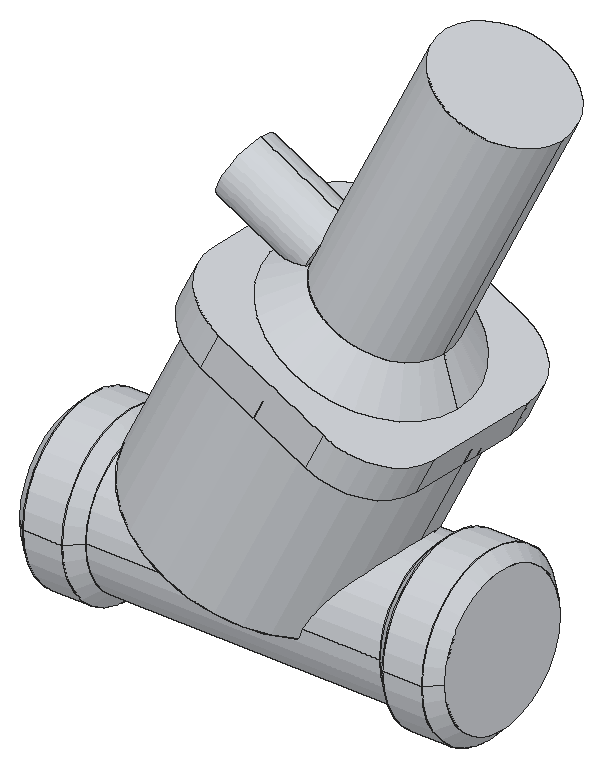
Revit family "PV_Compact_DN015_ 5-30_MM_RFA_2019", category Pipe Accessories, Revit 2019
Family settings
  Round Connector Dimension = Use Diameter
  Part Type = Valve - Breaks Into
  Work Plane-Based = No
  Always vertical = Yes
  Cut with Voids When Loaded = No
  Shared = No
Parameters (values of type "Frese PV Compact DN15 MM (5-30 kPa)")
  magiProductId = "Frese PV Compact DN15-1"
  magiProductFamilyId = "Frese PV Compact *"
  magiPartTypeId = 304
  isMeasuringValve [instance] = no
  ang2D [instance] = 0.00°
  Z7 = 15 mm
  Z6 = 40 mm
  Z5 = 44 mm
  Z4 = 39 mm
  Z3 = 6 mm
  Z2 = 33 mm
  XR3 = 30 mm
  XR2 = 25 mm
  XR1 = 13 mm
  W2D = 15 mm
  VersionID = "2.0/2018.12.13.2/FRESE_PV_COMPACT_Q13_001"
  Use Minimum Symbol Size [instance] = no
  URL = "www.hydronic.cz"
  Type Comments = "závitový s vnějším závitem; PN25; dpmax=450kPa; -10~+120°C;"
  R6 = 13 mm
  R5 = 5 mm
  R4 = 15 mm
  R3 = 10 mm
  R2 = 11 mm
  R1 = 19 mm
  QmdConnectorList = "301;D;302;D"
  Productdata [instance] = ""
  Manufacturer = "Hydronic Systems Prague s.r.o."
  MC Use Limits From Balancing Method = no
  MC Throttling Minimum Value = 0
  MC Throttling Maximum Value = 0
  MC Product Code = "53-3200 DN15; MM; nastavitelný rozsah dp=5~30kPa; Q=50~600l/h;  kvs=2,9"
  MC Pressure Drop Minimum Value = 0.0 Pa
  MC Pressure Drop Maximum Value = 0.0 Pa
  MC Piping Given Pressure Drop [instance] = 0.0 Pa
  M5 = 32.5 mm
  M4 = 30.5 mm
  M3 = 24.5 mm
  M2 = 22.5 mm
  LM = 45 mm
  L2D_Min = 30.48 mm
  L2D = 65 mm
  Description = "Nastavitelný regulátor tlakové diference"
  D = 15 mm
  CAT0 = yes
Types (2, lengths in mm): name | magiProductId | MC Product Code
  PV Compact DN15 MM (20-60 kPa) | "Frese PV Compact DN15-2" | "53-3201 DN15; MM; nastavitelný rozsah dp=20~60kPa; Q=100~1000l/h;  kvs=2,9"
  Frese PV Compact DN15 MM (5-30 kPa) | "Frese PV Compact DN15-1" | "53-3200 DN15; MM; nastavitelný rozsah dp=5~30kPa; Q=50~600l/h;  kvs=2,9"
Reference planes
  plane 1 "Center (Front/Back)": y = 0
  plane 2 "XYPLANE": z = 0
  plane 3 "Center (Left/Right)": x = 0
  plane 4 "62": through (318.218, 0, 679.605) normal (0.891, 0, -0.454)
  plane 5 "61": x = 32.5
  plane 6 "60": x = 30.5
  plane 7 "59": x = 24.5
  plane 8 "58": x = 22.5
  plane 9 "57": x = -32.5
  plane 10 "56": x = -30.5
  plane 11 "55": x = -24.5
  plane 12 "54": y = 0
  plane 13 "53": through (-666.893, 0, 343.166) normal (0.454, 0, 0.891)
  plane 14 "52": x = -22.5
  plane 15 "51": through (335.147, 0, 670.979) normal (0.891, 0, -0.454)
  plane 16 "50": through (-653.273, 0, 369.896) normal (0.454, 0, 0.891)
  plane 17 "49": through (352.076, 0, 662.353) normal (0.891, 0, -0.454)
  plane 18 "48": y = 19
  plane 19 "47": y = -19
  plane 20 "46": through (-650.549, 0, 375.242) normal (0.454, 0, 0.891)
  plane 21 "45": through (-648.279, 0, 379.697) normal (0.454, 0, 0.891)
  plane 22 "44": through (313.763, 0, 681.875) normal (0.891, 0, -0.454)
  plane 23 "42": through (-668.255, 0, 340.493) normal (0.454, 0, 0.891)
  plane 24 "15XY": through (-668.255, 0, 340.493) normal (0.454, 0, 0.891)
  plane 25 "15XZ": y = 0
  plane 26 "15YZ": through (340.493, 0, 668.255) normal (0.891, 0, -0.454)
Forms (mm)
  Blend 1, solid, visible <- "CAT0"
    base sketch origin (30.5, -750, 0) x (0, 1, 0) y (0, 0, 1)
      loop
        circle (750, 0) r 13
    top sketch origin (30.5, -750, 0) x (0, 1, 0) y (0, 0, 1)
      loop
        circle (750, 0) r 11
    from 0 to 2
  Extrusion 2, solid, visible <- "CAT0"
    sketch origin (24.5, -750, 0) x (0, 1, 0) y (0, 0, 1)
      loop
        circle (750, 0) r 13
    from 0 to 6
  Blend 3, solid, visible <- "CAT0"
    base sketch origin (22.5, -750, 0) x (0, 1, 0) y (0, 0, 1)
      loop
        circle (750, 0) r 11
    top sketch origin (22.5, -750, 0) x (0, 1, 0) y (0, 0, 1)
      loop
        circle (750, 0) r 13
    from 0 to 2
  Blend 4, solid, visible <- "CAT0"
    base sketch origin (-30.5, -750, 0) x (0, 1, 0) y (0, 0, 1)
      loop
        circle (750, 0) r 13
    top sketch origin (-30.5, -750, 0) x (0, 1, 0) y (0, 0, 1)
      loop
        circle (750, 0) r 11
    from 0 to -2
  Extrusion 5, solid, visible <- "CAT0"
    sketch origin (-30.5, -750, 0) x (0, 1, 0) y (0, 0, 1)
      loop
        circle (750, 0) r 13
    from 0 to 6
  Blend 6, solid, visible <- "CAT0"
    base sketch origin (-24.5, -750, 0) x (0, 1, 0) y (0, 0, 1)
      loop
        circle (750, 0) r 13
    top sketch origin (-24.5, -750, 0) x (0, 1, 0) y (0, 0, 1)
      loop
        circle (750, 0) r 11
    from 0 to 2
  Extrusion 7, solid, visible <- "CAT0"
    sketch origin (-22.5, -750, 0) x (0, 1, 0) y (0, 0, 1)
      loop
        circle (750, 0) r 11
    from 0 to 45 <- "LM"
  Extrusion 8, solid, visible <- "CAT0"
    sketch origin (-666.893, 0, 343.166) x (0.891007, 0, -0.45399) y (0, 1, 0)
      loop
        circle (744, 0) r 19
    from 0 to 33 <- "Z2"
  Extrusion 9, solid, visible <- "CAT0"
    sketch origin (-653.273, 0, 369.896) x (0.891007, 0, -0.45399) y (0, 1, 0)
      loop
        arc (735, 19) -> (727.929, 16.071) -> (725, 9) r 10
        line (725, 9) -> (725, -9)
        arc (725, -9) -> (727.929, -16.071) -> (735, -19) r 10
        line (735, -19) -> (753, -19)
        arc (753, -19) -> (760.071, -16.071) -> (763, -9) r 10
        line (763, -9) -> (763, 9)
        arc (763, 9) -> (760.071, 16.071) -> (753, 19) r 10
        line (753, 19) -> (735, 19)
    from 0 to 6 <- "Z3"
  Blend 10, solid, visible <- "CAT0"
    base sketch origin (-650.549, 0, 375.242) x (0.891007, 0, -0.45399) y (0, 1, 0)
      loop
        circle (744, 0) r 15
    top sketch origin (-650.549, 0, 375.242) x (0.891007, 0, -0.45399) y (0, 1, 0)
      loop
        circle (744, 0) r 10
    from 0 to 5
  Extrusion 11, solid, visible <- "CAT0"
    sketch origin (-648.279, 0, 379.697) x (0.891007, 0, -0.45399) y (0, 1, 0)
      loop
        circle (744, 0) r 10
    from 0 to 40 <- "Z6"
  Extrusion 12, solid, visible <- "CAT0"
    sketch origin (313.763, 0, 681.875) x (-0.45399, 0, -0.891007) y (0, 1, 0)
      loop
        circle (706, 0) r 5
    from 0 to 15 <- "Z7"
  Blend 13, solid, visible <- "CAT0"
    base sketch origin (-668.255, 0, 340.493) x (0.891007, 0, -0.45399) y (0, 1, 0)
      loop
        circle (744, 0) r 15
    top sketch origin (-668.255, 0, 340.493) x (0.891007, 0, -0.45399) y (0, 1, 0)
      loop
        circle (744, 0) r 19
    from 0 to 3
  Extrusion 14, solid, not visible
    sketch origin (-32.5, -750, 0) x (0, 1, 0) y (0, 0, 1)
      loop
        circle (750, 0) r 10
    from 0 to 10
  Extrusion 15, solid, not visible
    sketch origin (32.5, -750, 0) x (0, 1, 0) y (0, 0, 1)
      loop
        circle (750, 0) r 10
    from 0 to -10
Lines and regions (mm)
  reference lines, not visible
    curve 1: circle (2, 2, 0) r 1 normal (0, 0, 1)
Dimensions and locks
  plane 1 "Center (Front/Back)" to curve 1 = 2 mm
  "XR2": plane 26 "15YZ" to plane 4 "62"
  "M5": plane 3 "Center (Left/Right)" to plane 5 "61"
  "M4": plane 3 "Center (Left/Right)" to plane 6 "60"
  "M3": plane 3 "Center (Left/Right)" to plane 7 "59"
  "M2": plane 3 "Center (Left/Right)" to plane 8 "58"
  "M5": plane 3 "Center (Left/Right)" to plane 9 "57"
  "M4": plane 3 "Center (Left/Right)" to plane 10 "56"
  "M3": plane 3 "Center (Left/Right)" to plane 11 "55"
  locked: plane 25 "15XZ" to plane 12 "54"
  locked: plane 24 "15XY" to plane 13 "53" at 3
  "M2": plane 3 "Center (Left/Right)" to plane 14 "52"
  locked: plane 26 "15YZ" to plane 15 "51" at 6
  "Z2": plane 24 "15XY" to plane 16 "50"
  "XR1": plane 26 "15YZ" to plane 17 "49"
  "R1": plane 25 "15XZ" to plane 18 "48"
  "R1": plane 25 "15XZ" to plane 19 "47"
  "Z4": plane 24 "15XY" to plane 20 "46"
  "Z5": plane 24 "15XY" to plane 21 "45"
  "XR3": plane 26 "15YZ" to plane 22 "44"
  locked: plane 24 "15XY" to plane 23 "42"
  Extrusion 9 sketch curve to Extrusion 9 sketch curve = 0 mm  (x16)
  "R2": radius of Blend 1 sketch curve
  "R6": radius of Blend 1 sketch curve
  "R6": radius of Extrusion 2 sketch curve
  "R6": radius of Blend 3 sketch curve
  "R2": radius of Blend 3 sketch curve
  "R2": radius of Blend 4 sketch curve
  "R6": radius of Blend 4 sketch curve
  "R6": radius of Extrusion 5 sketch curve
  "R2": radius of Blend 6 sketch curve
  "R6": radius of Blend 6 sketch curve
  "R2": radius of Extrusion 7 sketch curve
  "R1": radius of Extrusion 8 sketch curve
  radius of Extrusion 9 sketch curve = 10 mm  (x4)
  "R3": radius of Blend 10 sketch curve
  "R4": radius of Blend 10 sketch curve
  "R3": radius of Extrusion 11 sketch curve
  "R5": radius of Extrusion 12 sketch curve
  "R1": radius of Blend 13 sketch curve
  aligned and locked: level to plane 2 "XYPLANE"
  aligned and locked: plane 5 "61" to Blend 1
  aligned and locked: plane 7 "59" to Blend 3
  aligned and locked: Blend 4 to plane 9 "57"
  aligned and locked: plane 14 "52" to Blend 6
  aligned and locked: plane 12 "54" to Extrusion 8 sketch curve
  aligned and locked: Extrusion 8 sketch curve to plane 15 "51"
  aligned and locked: Extrusion 9 sketch curve to plane 4 "62"
  aligned and locked: Extrusion 9 sketch curve to plane 19 "47"
  aligned and locked: Extrusion 9 sketch curve to plane 17 "49"
  aligned and locked: plane 18 "48" to Extrusion 9 sketch curve
  aligned and locked: plane 12 "54" to Blend 10 sketch curve  (x2)
  aligned and locked: Blend 10 sketch curve to plane 15 "51"  (x2)
  aligned and locked: plane 21 "45" to Blend 10
  aligned and locked: plane 12 "54" to Extrusion 11 sketch curve
  aligned and locked: Extrusion 11 sketch curve to plane 15 "51"
  aligned and locked: plane 12 "54" to Extrusion 12 sketch curve
  aligned and locked: plane 21 "45" to Extrusion 12 sketch curve
  aligned and locked: plane 12 "54" to Blend 13 sketch curve  (x2)
  aligned and locked: Blend 13 sketch curve to plane 15 "51"  (x2)
  aligned and locked: plane 13 "53" to Blend 13
Automatic sketch dimensions
  plane 4 "62" to Blend 13 sketch curve = 4 mm
  Extrusion 14 sketch curve to Extrusion 14 sketch curve = 0 mm  (x2)
  Extrusion 14 sketch curve to level = 0 mm
  Extrusion 14 sketch curve to plane 1 "Center (Front/Back)" = 0 mm
  plane 19 "47" to Extrusion 14 sketch curve = 9 mm
  Extrusion 15 sketch curve to Extrusion 15 sketch curve = 0 mm  (x2)
  Extrusion 15 sketch curve to level = 0 mm
  Extrusion 15 sketch curve to plane 1 "Center (Front/Back)" = 0 mm
  plane 19 "47" to Extrusion 15 sketch curve = 9 mm
  plane 3 "Center (Left/Right)" to curve 1 = 2 mm
  Blend 1 sketch curve to level = 0 mm  (x2)
  Blend 1 sketch curve to plane 1 "Center (Front/Back)" = 0 mm  (x2)
  Extrusion 2 sketch curve to level = 0 mm
  Extrusion 2 sketch curve to plane 1 "Center (Front/Back)" = 0 mm
  Blend 3 sketch curve to level = 0 mm  (x2)
  Blend 3 sketch curve to plane 1 "Center (Front/Back)" = 0 mm  (x2)
  Blend 4 sketch curve to level = 0 mm  (x2)
  Blend 4 sketch curve to plane 1 "Center (Front/Back)" = 0 mm  (x2)
  Extrusion 5 sketch curve to level = 0 mm
  Extrusion 5 sketch curve to plane 1 "Center (Front/Back)" = 0 mm
  Blend 6 sketch curve to level = 0 mm  (x2)
  Blend 6 sketch curve to plane 1 "Center (Front/Back)" = 0 mm  (x2)
  Extrusion 7 sketch curve to level = 0 mm
  Extrusion 7 sketch curve to plane 1 "Center (Front/Back)" = 0 mm
  radius of curve 1 = 1 mm
Connectors
  piping at (-32.5, 0, 0), diameter 15, driven by "D"
    settings: on Extrusion 14, index 1, connector inside diameter 609.6 mm, connector length 0 mm, flow factor 0, pipe flow 0.0 L/s, pressure drop 0.0 Pa, fitting loss kfactor 0, connector angle 0.00°, fixture units 0, engagement length 0 mm, angle of deflection 0.00°, flow configuration 0, flow direction 0, fitting loss method 0, system type 29, joint type 0, gender type 0, connector reference index 2, connector utility 0, adjustable connector no, is connector primary yes, connector description ""
  piping at (32.5, 0, 0), diameter 15, driven by "D"
    settings: on Extrusion 15, index 2, connector inside diameter 609.6 mm, connector length 0 mm, flow factor 0, pipe flow 0.0 L/s, pressure drop 0.0 Pa, fitting loss kfactor 0, connector angle 0.00°, fixture units 0, engagement length 0 mm, angle of deflection 0.00°, flow configuration 0, flow direction 0, fitting loss method 0, system type 29, joint type 0, gender type 0, connector reference index 1, connector utility 0, adjustable connector no, is connector primary no, connector description ""
